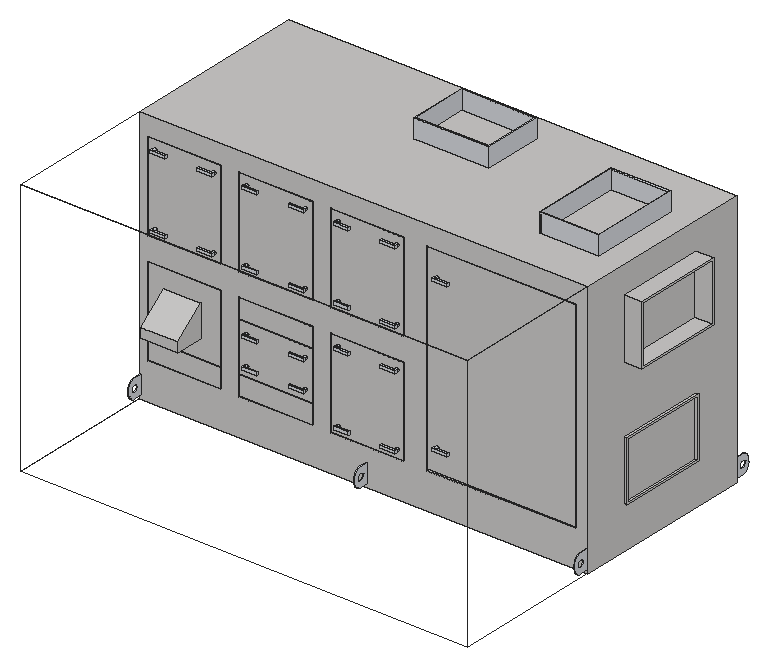
Revit family "DN-2IN-2FP-ECH", category Mechanical Equipment, Revit 2016
Family settings
  Part Type = Normal
  Round Connector Dimension = Use Diameter
  OmniClass Number = 23.75.00.00
  OmniClass Title = Climate Control (HVAC)
  Work Plane-Based = No
  Always vertical = Yes
  Cut with Voids When Loaded = No
  Shared = No
  Room Calculation Point = No
Parameters (values of type "2 @ 1.35 kW ea.")
  Voltage [instance] = "200-277 V"
  Unit Weight Range (lbs) [instance] = "2220-2550 lbs."
  Max. Shipping Weight (lbs) [instance] = "2420-2750 lbs."
  Unit Dimensions(L x W x H) [instance] = "128\" x 62-3/4\" x 73-7/8\""
  Shipping Dimensions (L x W x H) [instance] = "140\" x 90\" x 79\""
  Unit [instance] = Renewaire - Galvanized Steel
  URL = "www.renewaire.com"
  Typical Airflow Range = "375-1,650 CFM"
  Standard Features [instance] = "EC Motors for both airstreams, Direct drive backward inclined plenum, Higher ESP of up to 2\" w.g. at 1,500 CFM, Integrated programmable controls -  True 100% face and bypass enthalpy based modulating economizer, Class 1 low leakage motorized isolation dampers, Stainless steel double-sloped drain pan with cooling option, 1\" Double wall foam injected 20 gauge galvanized panel construction with R6.5 insulation"
  Service Area Visibility [instance] = yes
  Service Area Box [instance] = Renewaire - Interference
  Revit Object Download Link [instance] = ""
  Phase [instance] = "Single"
  Options [instance] = "DX, heat pump, or chilled water cooling coil, Modulating hot gas reheat, Steam or hot water coil, gas heat module or electric heater, Onboard variable frequency drives (VFDs) - both airstreams, Fused disconnect, Spring isolators (VFDs only), 2\" Double wall foam injected 20 gauge galvanized panel construction with R13 insulation, Exterior paint - grey, white, custom color, BACNET factory activation, GFCI convenience outlet, Recirculation damper, Drain overflow switch, Electrofin coating for coils"
  Number Motors [instance] = "Qty. 2, Direct drive motorized impeller packages"
  Model = "DN-2IN-2FP-ECH"
  Minimum Circuit Amps [instance] = "15.1 A"
  Maximum Overcurrent Protection [instance] = "20 A"
  Manufacturer = "Renewaire LLC"
  Inlets/Outlets [instance] = "OA & RA Inlets: 24\" x 16\", SA Outlet: 24\" x 16\", EA Outlet: 20\" x 16\""
  Frequency [instance] = "50/60 Hz"
  Filters [instance] = "Total qty. 4, MERV 8: 16\" x 20\" x 2\""
  FLA per Motor [instance] = "6.7-4.8"
  Energy Recovery Type [instance] = "Static plate total energy transfer"
  Description = "Energy Recovery Ventilator"
  Accessories [instance] = "Filters - MERV 13, 2\"  and 4\" (shipped loose), MERV 14, 2\" and 4\" (shipped loose), Additional filters available upon request, Duct mounted electric pre-heater (separately powered), Carbon dioxide sensor/control - wall mount (CO2-W), duct mount (CO2-D), IAQ sensor - wall mount (IAQ-W), duct mount (IAQ-D), Motion occupancy sensor/control - ceiling mount (MC-C), wall mount (MC-W), Smoke detector, Room temperature and humidity sensor, Duct static pressure sensor with display to 10\", without display 0-2\", Room pressure sensor with display to 1\", without display 0-1\", Waterless trap negative pressure, waterless trap positive pressure, Remote display"
  AHRI 1060 Certified Core [instance] = "One L-62-G5 and one L-125-G5"
Types (7): name | Voltage | Phase | Minimum Circuit Amps | Maximum Overcurrent Protection | FLA per Motor
  (no name) | "200-277 V" | "Single" | "15.1 A" | "20 A" | "6.7-4.8"
  2 @ 1.35 kW ea. | "200-277 V" | "Single" | "15.1 A" | "20 A" | "6.7-4.8"
  2 @ 2.70 kW ea. | "200-240 V" | "Three" | "19.4 A" | "25 A" | "8.6-7.2"
  2 @ 3.70 kW ea. | "380-480 V" | "Three" | "13.5 A" | "15 A" | "6.0-4.6"
  2 @ 3HP ea. 208-230V | "208-230 V" | "Three" | "20.3 A" | "25 A" | "9-8.4/4.2"
  2 @ 3HP ea. 460V | "460V" | "Three" | "9.5 A" | "15 A" | "4.2"
  2 @ 3HP ea. 575V | "575V" | "Three" | "7.4 A" | "15 A" | "3.3"
Reference planes (in)
  plane 1 "Center (Front/Back)": y = 0
  plane 2: z = 0
  plane 3 "Center (Left/Right)": x = 0
  plane 4: x = -60
Forms (in)
  Extrusion 1, solid, material "Renewaire - Galvanized Steel" <- "Unit"
    sketch origin (0, 1.00005, 0) x (1, 0, 0) y (0, 1, 0)
      loop
        line (-60, 23.99995) -> (-60, -26.00005) -> (60, -26.00005) -> (60, 23.99995) -> (-60, 23.99995)
    from 0 to 68.875
  Extrusion 2, void
    sketch origin (-0.17691, 0, 0) x (1, 0, 0) y (0, 0, 1)
      loop
        line (-57.74982, 63.824) -> (-57.74982, 39.82399) -> (-37.74983, 39.82399) -> (-37.74983, 63.824) -> (-57.74982, 63.824)
      loop
        line (-33.22023, 63.824) -> (-33.22023, 39.82399) -> (-13.22023, 39.82399) -> (-13.22023, 63.824) -> (-33.22023, 63.824)
      loop
        line (-8.69064, 63.824) -> (-8.69064, 39.82399) -> (11.30935, 39.82399) -> (11.30935, 63.824) -> (-8.69064, 63.824)
      loop
        line (-57.74982, 33.824) -> (-57.74982, 9.824) -> (-37.74983, 9.824) -> (-37.74983, 33.824) -> (-57.74982, 33.824)
      loop
        line (-33.22023, 33.824) -> (-33.22023, 9.824) -> (-13.22023, 9.824) -> (-13.22023, 33.824) -> (-33.22023, 33.824)
      loop
        line (-8.69064, 33.824) -> (-8.69064, 9.824) -> (11.30935, 9.824) -> (11.30935, 33.824) -> (-8.69064, 33.824)
      loop
        line (17.22532, 63.824) -> (17.22532, 9.824) -> (57.22532, 9.824) -> (57.22532, 63.824) -> (17.22532, 63.824)
    from 24 to 26
  Extrusion 3, void
    sketch origin (-0.17691, 1.00005, 0) x (1, 0, 0) y (0, 1, 0)
      loop
        line (-57.99999, 21.99995) -> (-57.99999, -24.00005) -> (57.89381, -24.00005) -> (57.89381, 21.99995) -> (-57.99999, 21.99995)
    from 0 to 6
  Extrusion 4, solid, material "Renewaire - Galvanized Steel" <- "Unit"
    sketch origin (0, -1, 0) x (0, 1, 0) y (0, 0, 1)
      loop
        line (-12.00006, 61.824) -> (-12.00006, 45.824) -> (11.99994, 45.824) -> (11.99994, 61.824) -> (-12.00006, 61.824)
      loop
        line (-11.75006, 61.574) -> (-11.75006, 46.074) -> (11.74994, 46.074) -> (11.74994, 61.574) -> (-11.75006, 61.574)
    from 60 to 65
  Extrusion 5, void
    sketch origin (-0.17691, 0, 0) x (1, 0, 0) y (0, 1, 0)
      loop
        line (-54.1075, 17.07542) -> (-54.1075, -6.92458) -> (-38.10749, -6.92458) -> (-38.10749, 17.07542) -> (-54.1075, 17.07542)
      loop
        line (37.0919, 10.95041) -> (37.0919, -13.04959) -> (53.09189, -13.04959) -> (53.09189, 10.95041) -> (37.0919, 10.95041)
    from 5 to 6.125
  Extrusion 6, solid, material "Renewaire - Galvanized Steel" <- "Unit"
    sketch origin (-0.1769, 0, 0) x (1, 0, 0) y (0, 0, 1)
      loop
        line (11.30935, 61.82401) -> (-8.69064, 61.82401) -> (-8.69064, 45.82401) -> (11.30935, 45.82401) -> (11.30935, 61.82401)
      loop
        line (11.05935, 61.57401) -> (-8.44064, 61.57401) -> (-8.44064, 46.07401) -> (11.05935, 46.07401) -> (11.05935, 61.57401)
    from -25 to -30
  Extrusion 7, solid, material "Renewaire - Galvanized Steel" <- "Unit"
    sketch origin (0, -1.04951, 0) x (0, 1, 0) y (0, 0, 1)
      loop
        line (18.60019, 30.89209) -> (-5.39982, 30.89209) -> (-5.39982, 14.89209) -> (18.60019, 14.89209) -> (18.60019, 30.89209)
      loop
        line (18.35019, 30.64209) -> (-5.14982, 30.64209) -> (-5.14982, 15.14209) -> (18.35019, 15.14209) -> (18.35019, 30.64209)
    from -60 to -61
  Extrusion 8, solid, material "Renewaire - Galvanized Steel" <- "Unit"
    sketch origin (0, -1, 0) x (0, 1, 0) y (0, 0, 1)
      loop
        line (-12.00006, 27.784) -> (-12.00006, 11.78399) -> (11.99994, 11.78399) -> (11.99994, 27.784) -> (-12.00006, 27.784)
      loop
        line (-11.75006, 27.534) -> (-11.75006, 12.03399) -> (11.74994, 12.03399) -> (11.74994, 27.534) -> (-11.75006, 27.534)
    from 60 to 61
  Extrusion 9, solid, material "Renewaire - Galvanized Steel" <- "Unit"
    sketch origin (-0.17691, 0, 0) x (1, 0, 0) y (0, 0, 1)
      loop
        line (-57.49982, 63.574) -> (-57.49982, 40.07399) -> (-37.99983, 40.07399) -> (-37.99983, 63.574) -> (-57.49982, 63.574)
      loop
        line (17.47532, 63.574) -> (17.47532, 10.324) -> (56.97532, 10.324) -> (56.97532, 63.574) -> (17.47532, 63.574)
      loop
        line (-32.97023, 63.574) -> (-32.97023, 40.07399) -> (-13.47023, 40.07399) -> (-13.47023, 63.574) -> (-32.97023, 63.574)
      loop
        line (-8.44064, 63.574) -> (-8.44064, 40.07399) -> (11.05935, 40.07399) -> (11.05935, 63.574) -> (-8.44064, 63.574)
      loop
        line (-8.44064, 33.574) -> (-8.44064, 10.074) -> (11.05935, 10.074) -> (11.05935, 33.574) -> (-8.44064, 33.574)
      loop
        line (-32.97023, 33.574) -> (-32.97023, 28.574) -> (-13.47023, 28.574) -> (-13.47023, 33.574) -> (-32.97023, 33.574)
      loop
        line (-32.97023, 10.074) -> (-13.47023, 10.074) -> (-13.47023, 15.074) -> (-32.97023, 15.074) -> (-32.97023, 10.074)
      loop
        line (-57.49982, 33.574) -> (-57.49982, 15.324) -> (-37.99983, 15.324) -> (-37.99983, 33.574) -> (-57.49982, 33.574)
      loop
        line (-57.49982, 10.074) -> (-37.99983, 10.074) -> (-37.99983, 15.074) -> (-57.49982, 15.074) -> (-57.49982, 10.074)
      loop
        line (-32.97023, 15.324) -> (-13.47023, 15.324) -> (-13.47023, 28.324) -> (-32.97023, 28.324) -> (-32.97023, 15.324)
    from 24 to 25
  Extrusion 10, solid, material "Renewaire - Interference" <- "Service Area Box", visible <- "Service Area Visibility"
    sketch origin (0, -1, 0) x (1, 0, 0) y (0, 1, 0)
      loop
        line (-60, -24) -> (-60, -64) -> (60, -64) -> (60, -24) -> (-60, -24)
    from 68.875 to 0
  Extrusion 11, solid
    sketch origin (0, 0, 0) x (1, 0, 0) y (0, 1, 0)
      loop
        line (-8.05979, 17.95039) -> (-8.05979, 1.95039) -> (11.94019, 1.95039) -> (11.94019, 17.95039) -> (-8.05979, 17.95039)
      loop
        line (-7.80979, 17.70039) -> (-7.80979, 2.20039) -> (11.69019, 2.20039) -> (11.69019, 17.70039) -> (-7.80979, 17.70039)
      loop
        line (37.53999, 10.95041) -> (37.53999, -13.04959) -> (53.53998, -13.04959) -> (53.53998, 10.95041) -> (37.53999, 10.95041)
      loop
        line (37.78999, 10.70041) -> (37.78999, -12.79959) -> (53.28998, -12.79959) -> (53.28998, 10.70041) -> (37.78999, 10.70041)
    from 73.875 to 68.875
  Extrusion 12, solid, material "Renewaire - Galvanized Steel" <- "Unit"
    sketch origin (0, 0, 0) x (0, 1, 0) y (0, 0, 1)
      loop
        line (-8.80644, 26.3132) -> (-11.13705, 26.3132) -> (-11.13705, 23.4382) -> (-8.80644, 23.4382) -> (-8.80644, 26.3132)
      loop
        line (-9.05644, 26.0632) -> (-10.88705, 26.0632) -> (-10.88705, 23.6882) -> (-9.05644, 23.6882) -> (-9.05644, 26.0632)
    from -60 to -61
  Extrusion 13, solid, material "Renewaire - Galvanized Steel" <- "Unit"
    sketch origin (-24.52959, -1, -2.50547) x (0, 1, 0) y (0, 0, 1)
      loop
        line (-24, 31.20717) -> (-31.6831, 25.20447) -> (-31.6831, 22.70447) -> (-24, 22.70447) -> (-24, 31.20717)
    from -19 to -29
Cuts and joins
  Extrusion 2, Extrusion 3, Extrusion 5 cuts Extrusion 1
Dimensions and locks (in)
  aligned and locked: level to plane 2
Nested families (in)
  nested 1: "Handle" at (-40.05174, -25, 61.25), type "Handle"
    with Right Handle no, Left Handle yes, Flip yes
  nested 2: "Lifting Lug" at (-59.68998, -25, 0.74999) x (0, -1, 0) z (0, 0, 1), Material <- "Unit", type "Lifting Lug"
    with Material Renewaire - Galvanized Steel
  nested 3: "Lifting Lug" at (0.88692, -25, 0.74999) x (0, -1, 0) z (0, 0, 1), Material <- "Unit", type "Lifting Lug"
    with Material Renewaire - Galvanized Steel
  nested 4: "Lifting Lug" at (59.88692, -25, 0.74999) x (0, -1, 0) z (0, 0, 1), Material <- "Unit", type "Lifting Lug"
    with Material Renewaire - Galvanized Steel
  nested 5: "Handle" at (-40.05174, -25, 42.11337), type "Handle"
    with Right Handle no, Left Handle yes, Flip yes
  nested 6: "Handle" at (-55.80173, -25, 61.25) x (-1, 0, 0) z (0, 0, 1), type "Handle"
    with Right Handle no, Left Handle yes, Flip yes
  nested 7: "Handle" at (-55.80173, -25, 42.11337) x (-1, 0, 0) z (0, 0, 1), type "Handle"
    with Right Handle no, Left Handle yes, Flip yes
  nested 8: "Handle" at (-15.53433, -25, 25.5), type "Handle"
    with Right Handle no, Left Handle yes, Flip yes
  nested 9: "Handle" at (-15.53433, -25, 17.86338), type "Handle"
    with Right Handle no, Left Handle yes, Flip yes
  nested 10: "Handle" at (-31.27214, -25, 25.5) x (-1, 0, 0) z (0, 0, 1), type "Handle"
    with Right Handle no, Left Handle yes, Flip yes
  nested 11: "Handle" at (-31.27214, -25, 17.86338) x (-1, 0, 0) z (0, 0, 1), type "Handle"
    with Right Handle no, Left Handle yes, Flip yes
  nested 12: "Lifting Lug" at (-59.68998, 25, 0.74999) x (0, 1, 0) z (0, 0, 1), Material <- "Unit", type "Lifting Lug"
    with Material Renewaire - Galvanized Steel
  nested 13: "Lifting Lug" at (0.88692, 25, 0.74999) x (0, 1, 0) z (0, 0, 1), Material <- "Unit", type "Lifting Lug"
    with Material Renewaire - Galvanized Steel
  nested 14: "Lifting Lug" at (59.88692, 25, 0.74999) x (0, 1, 0) z (0, 0, 1), Material <- "Unit", type "Lifting Lug"
    with Material Renewaire - Galvanized Steel
  nested 15: "Handle" at (-15.52215, -25, 61.25), type "Handle"
    with Right Handle no, Left Handle yes, Flip yes
  nested 16: "Handle" at (-15.52215, -25, 42.11337), type "Handle"
    with Right Handle no, Left Handle yes, Flip yes
  nested 17: "Handle" at (-31.27214, -25, 61.25) x (-1, 0, 0) z (0, 0, 1), type "Handle"
    with Right Handle no, Left Handle yes, Flip yes
  nested 18: "Handle" at (-31.27214, -25, 42.11337) x (-1, 0, 0) z (0, 0, 1), type "Handle"
    with Right Handle no, Left Handle yes, Flip yes
  nested 19: "Handle" at (9.00743, -25, 61.25), type "Handle"
    with Right Handle no, Left Handle yes, Flip yes
  nested 20: "Handle" at (9.00743, -25, 42.11337), type "Handle"
    with Right Handle no, Left Handle yes, Flip yes
  nested 21: "Handle" at (-6.74256, -25, 61.25) x (-1, 0, 0) z (0, 0, 1), type "Handle"
    with Right Handle no, Left Handle yes, Flip yes
  nested 22: "Handle" at (-6.74256, -25, 42.11337) x (-1, 0, 0) z (0, 0, 1), type "Handle"
    with Right Handle no, Left Handle yes, Flip yes
  nested 23: "Handle" at (9.00743, -25, 31.25), type "Handle"
    with Right Handle no, Left Handle yes, Flip yes
  nested 24: "Handle" at (9.00743, -25, 12.11338), type "Handle"
    with Right Handle no, Left Handle yes, Flip yes
  nested 25: "Handle" at (-6.74256, -25, 31.25) x (-1, 0, 0) z (0, 0, 1), type "Handle"
    with Right Handle no, Left Handle yes, Flip yes
  nested 26: "Handle" at (-6.74256, -25, 12.11338) x (-1, 0, 0) z (0, 0, 1), type "Handle"
    with Right Handle no, Left Handle yes, Flip yes
  nested 27: "Handle" at (19.76858, -25, 57.0118) x (-1, 0, 0) z (0, 0, 1), type "Handle"
    with Right Handle no, Left Handle yes, Flip yes
  nested 28: "Handle" at (19.76858, -25, 16.2618) x (-1, 0, 0) z (0, 0, 1), type "Handle"
    with Right Handle no, Left Handle yes, Flip yes
Connectors (in)
  hvac at (65, -1.00006, 53.824)
    settings: on Extrusion 4, index 1, duct flow 0 CFM, flow factor 0, pres drop 0.00 in-wg, loss coef 0, conn angle 0.00°, conn width 24", conn height 16", conn diameter 24", duct sys type 4, conn prof type 1, flow config 0, flow direction 1, loss method 0, conn ref index -1, conn util no, is conn primary yes, conn desc "Outside Air (OA)"
  hvac at (61, -1.00006, 19.784)
    settings: on Extrusion 8, index 2, duct flow 0 CFM, flow factor 0, pres drop 0.00 in-wg, loss coef 0, conn angle 0.00°, conn width 24", conn height 16", conn diameter 24", duct sys type 2, conn prof type 1, flow config 0, flow direction 1, loss method 0, conn ref index -1, conn util no, is conn primary no, conn desc "Return Air (RA)"
  hvac at (1.13245, 30, 53.82401)
    settings: on Extrusion 6, index 5, duct flow 0 CFM, flow factor 0, pres drop 0.00 in-wg, loss coef 0, conn angle 0.00°, conn width 20", conn height 16", conn diameter 24", duct sys type 3, conn prof type 1, flow config 0, flow direction 2, loss method 0, conn ref index -1, conn util no, is conn primary no, conn desc "Exhaust Air (EA)"
  hvac at (-61, 5.55067, 22.89209)
    settings: on Extrusion 7, index 6, duct flow 0 CFM, flow factor 0, pres drop 0.00 in-wg, loss coef 0, conn angle 0.00°, conn width 24", conn height 16", conn diameter 24", duct sys type 1, conn prof type 1, flow config 0, flow direction 2, loss method 0, conn ref index -1, conn util no, is conn primary no, conn desc "Supply Air (SA)"
  hvac at (-46.28441, 5.07542, 6.125)
    settings: on cut or joined group of Extrusion 1, Extrusion 2, Extrusion 3, Extrusion 5, index 7, duct flow 0 CFM, flow factor 0, pres drop 0.00 in-wg, loss coef 0, conn angle 0.00°, conn width 24", conn height 16", conn diameter 24", duct sys type 1, conn prof type 1, flow config 0, flow direction 2, loss method 0, conn ref index -1, conn util no, is conn primary no, conn desc "Supply Air (SA)"
  hvac at (44.91498, -1.04959, 6.125)
    settings: on cut or joined group of Extrusion 1, Extrusion 2, Extrusion 3, Extrusion 5, index 9, duct flow 0 CFM, flow factor 0, pres drop 0.00 in-wg, loss coef 0, conn angle 0.00°, conn width 24", conn height 16", conn diameter 24", duct sys type 2, conn prof type 1, flow config 0, flow direction 1, loss method 0, conn ref index -1, conn util no, is conn primary no, conn desc "Return Air (RA)"
  hvac at (45.53998, -1.04959, 73.875)
    settings: on Extrusion 11, index 10, duct flow 0 CFM, flow factor 0, pres drop 0.00 in-wg, loss coef 0, conn angle 0.00°, conn width 16", conn height 24", conn diameter 24", duct sys type 4, conn prof type 1, flow config 0, flow direction 1, loss method 0, conn ref index -1, conn util no, is conn primary no, conn desc "Outside Air (OA)"
  hvac at (1.9402, 9.95039, 73.875)
    settings: on Extrusion 11, index 11, duct flow 0 CFM, flow factor 0, pres drop 0.00 in-wg, loss coef 0, conn angle 0.00°, conn width 20", conn height 16", conn diameter 24", duct sys type 3, conn prof type 1, flow config 0, flow direction 2, loss method 0, conn ref index -1, conn util no, is conn primary no, conn desc "Exhaust Air (EA)"
Definition of nested family "Handle"
  Parameters (values of type "Handle")
    Right Handle [instance] = not(Flip)  # no
    Material = none
    Left Handle [instance] = Flip  # yes
    Flip [instance] = yes
  Reference planes (in)
    plane 1 "Center (Front/Back)": y = 0
    plane 2: z = 0
    plane 3 "Center (Left/Right)": x = 0
  Forms (in)
    Extrusion 1, solid, material <- "Material"
      sketch origin (0, 0, 0) x (1, 0, 0) y (0, 0, 1)
        loop
          circle (0, 0) r 0.375
      from 0 to 0.75
    Extrusion 2, solid, material <- "Material", visible <- "Right Handle"
      sketch origin (0, 0, 0) x (1, 0, 0) y (0, 1, 0)
        loop
          line (-0.375, -0.75) -> (-0.375, -1.25) -> (3.625, -1.25) -> (3.625, -0.75) -> (-0.375, -0.75)
      from -0.375 to 0.375
    Extrusion 3, solid, material <- "Material", visible <- "Left Handle"
      sketch origin (-3.25, 0, 0) x (1, 0, 0) y (0, 1, 0)
        loop
          line (-0.375, -0.75) -> (-0.375, -1.25) -> (3.625, -1.25) -> (3.625, -0.75) -> (-0.375, -0.75)
      from -0.375 to 0.375
  Dimensions and locks (in)
    aligned and locked: plane 2 to level
Definition of nested family "Lifting Lug"
  Parameters (values of type "Lifting Lug")
    Material [instance] = none
  Reference planes (in)
    plane 1 "Center (Front/Back)": y = 0
    plane 2: z = 0
    plane 3 "Center (Left/Right)": x = 0
  Forms (in)
    Extrusion 1, solid
      sketch origin (0, 0, 0) x (1, 0, 0) y (0, 0, 1)
        loop
          line (0, 0.1875) -> (2, 0.1875)
          arc (2, 0.1875) -> (3.41421, 0.77329) -> (4, 2.1875) r 2
          line (4, 2.1875) -> (4, 3.1875)
          arc (4, 3.1875) -> (3.41421, 4.60171) -> (2, 5.1875) r 2
          line (2, 5.1875) -> (0, 5.1875) -> (0, 0.1875)
        loop
          circle (2.125, 2.6875) r 1
      from 0 to 0.25
  Dimensions and locks (in)
    aligned and locked: plane 2 to level
